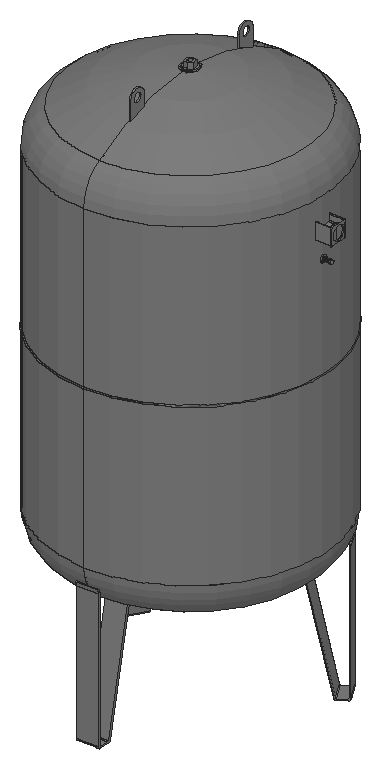
Revit family "MIT-3000-ET (Vertical)", category Specialty Equipment, Revit 2022
Family settings
  Round Connector Dimension = Use Diameter
  Part Type = Normal
  Work Plane-Based = No
  Always vertical = Yes
  Cut with Voids When Loaded = No
  Maintain Annotation Orientation = No
  Shared = No
  Room Calculation Point = No
Parameters
  URL = "https://en.ekinendustriyel.com/expansion-tanks"
  Test Pressure = 15.0 bar
  Production Standard = "TS EN 13831"
  Precharge Pressure = 4.0 bar
  Operating Pressure = 10.0 bar
  Model = "MIT-2500-ET_(Vertical)"
  Manufacturer = "Ekin Endüstriyel"
  Keynote = "Expension Tank"
  Description = "MIT-Expension Tank"
  Default Elevation = 0 mm
Reference planes
  plane 1 "Center (Front/Back)": y = 0
  plane 2: z = 0
  plane 3 "Center (Left/Right)": x = 0
Forms (mm)
  Revolve 1, solid, material "Ekin Endustriyel-S235JR", detail levels medium+fine
    sketch origin (0, -5374.015, 98.319) x (0, 1, 0) y (0, 0, 1)
      loop
        line (5374.015, 2394.595) -> (5374.015, 2390.595) -> (5415.232, 2390.595)
        arc (5415.232, 2390.595) -> (5660.359, 2344.516) -> (5885.578, 2237.342) r 968.168
        arc (5885.578, 2237.342) -> (5947.553, 2170.564) -> (5970.038, 2082.276) r 184.58
        line (5970.038, 2082.276) -> (5970.038, 628.392)
        arc (5970.038, 628.392) -> (5949.617, 546.105) -> (5893.092, 482.913) r 176
        arc (5893.092, 482.913) -> (5715.977, 388.76) -> (5522.67, 335.212) r 920.403
        arc (5522.67, 335.212) -> (5498.925, 318.221) -> (5471.045, 309.547) r 91.784
        line (5471.045, 309.547) -> (5374.015, 309.547) -> (5374.015, 305.547) -> (5471.327, 305.547)
        arc (5471.327, 305.547) -> (5499.998, 314.291) -> (5524.562, 331.468) r 95.784
        arc (5524.562, 331.468) -> (5718.047, 385.279) -> (5895.344, 479.606) r 924.403
        arc (5895.344, 479.606) -> (5953.153, 544.234) -> (5974.038, 628.392) r 180
        line (5974.038, 628.392) -> (5974.038, 1353.684)
        arc (5974.038, 1353.684) -> (5977.038, 1356.684) -> (5974.038, 1359.684) r 3
        line (5974.038, 1359.684) -> (5974.038, 2082.276)
        arc (5974.038, 2082.276) -> (5951.066, 2172.477) -> (5887.748, 2240.703) r 188.58
        arc (5887.748, 2240.703) -> (5661.544, 2348.337) -> (5415.346, 2394.595) r 972.168
        line (5415.346, 2394.595) -> (5374.015, 2394.595)
      axis (5374.015, 305.547) -> (5374.015, 2394.595)
    angle from 0 to 360
  Extrusion 2, solid, material "Ekin Endustriyel-S235JR", detail levels coarse
    sketch origin (7881.66, -13248.976, 122.286) x (0, 1, 0) y (-1, 0, 0)
      loop
        circle (13249.096, 7881.66) r 603
    from 280.888 to 2370.622
  Extrusion 3, solid, material "Ekin Endustriyel-S235JR", detail levels fine
    sketch origin (-910.329, -6586.055, 414.431) x (0, 1, 0) y (0, 0, 1)
      loop
        line (6930.329, 2011.771) -> (6930.329, 2091.758)
        arc (6930.329, 2091.758) -> (6892.852, 2129.234) -> (6855.376, 2091.758) r 37.477
        line (6855.376, 2091.758) -> (6855.376, 2037.959)
        arc (6855.376, 2037.959) -> (6893.12, 2025.631) -> (6930.329, 2011.771) r 972.168
      loop
        circle (6893.082, 2091.868) r 21.5
      loop
        arc (6241.78, 2011.771) -> (6278.99, 2025.631) -> (6316.734, 2037.959) r 972.168
        line (6316.734, 2037.959) -> (6316.734, 2091.758)
        arc (6316.734, 2091.758) -> (6279.257, 2129.234) -> (6241.78, 2091.758) r 37.477
        line (6241.78, 2091.758) -> (6241.78, 2011.771)
      loop
        circle (6279.028, 2091.868) r 21.5
    from 910.31 to 917.338
  Extrusion 4, solid, material "Ekin Endustriyel-S235JR", detail levels medium+fine
    sketch origin (2.097, -50.747, 0) x (-0.866025, 0.5, 0) y (0, 0, 1)
      loop
        line (607.19, 627) -> (610.625, 644.669) -> (606.698, 645.433) -> (603.19, 627.385) -> (603.19, 9)
        arc (603.19, 9) -> (601.726, 5.464) -> (598.19, 4) r 5
        line (598.19, 4) -> (554.478, 4)
        arc (554.478, 4) -> (551.331, 5.114) -> (549.587, 7.96) r 5
        line (549.587, 7.96) -> (442.029, 513.981) -> (438.117, 513.149) -> (546.222, 4.553)
        arc (546.222, 4.553) -> (548.655, 0.584) -> (553.043, -0.97) r 6.973
        line (553.043, -0.97) -> (600.233, -0.97)
        arc (600.233, -0.97) -> (605.152, 1.068) -> (607.19, 5.987) r 6.957
        line (607.19, 5.987) -> (607.19, 627)
    from -7.1 to 92.9
  Extrusion 5, solid, material "Ekin Endustriyel-S235JR", detail levels medium+fine
    sketch origin (2.097, -50.747, 0) x (0, -1, 0) y (0, 0, 1)
      loop
        line (532.687, 644.669) -> (528.761, 645.433) -> (525.253, 627.385) -> (525.253, 9)
        arc (525.253, 9) -> (523.788, 5.464) -> (520.253, 4) r 5
        line (520.253, 4) -> (476.541, 4)
        arc (476.541, 4) -> (473.394, 5.114) -> (471.65, 7.96) r 5
        line (471.65, 7.96) -> (364.092, 513.981) -> (360.18, 513.149) -> (468.079, 5.523)
        arc (468.079, 5.523) -> (470.511, 1.554) -> (474.9, 0) r 6.973
        line (474.9, 0) -> (522.296, 0)
        arc (522.296, 0) -> (527.215, 2.038) -> (529.253, 6.957) r 6.957
        line (529.253, 6.957) -> (529.253, 627) -> (532.687, 644.669)
    from -47.903 to 52.097
  Extrusion 6, solid, material "Ekin Endustriyel-S235JR", detail levels medium+fine
    sketch origin (2.097, -50.747, 0) x (0.866025, 0.5, 0) y (0, 0, 1)
      loop
        line (606.992, 644.669) -> (603.065, 645.433) -> (599.557, 627.385) -> (599.557, 9)
        arc (599.557, 9) -> (598.093, 5.464) -> (594.557, 4) r 5
        line (594.557, 4) -> (550.845, 4)
        arc (550.845, 4) -> (547.699, 5.114) -> (545.954, 7.96) r 5
        line (545.954, 7.96) -> (438.397, 513.981) -> (434.484, 513.149) -> (542.383, 5.523)
        arc (542.383, 5.523) -> (544.815, 1.554) -> (549.204, 0) r 6.973
        line (549.204, 0) -> (596.6, 0)
        arc (596.6, 0) -> (601.52, 2.038) -> (603.557, 6.957) r 6.957
        line (603.557, 6.957) -> (603.557, 627) -> (606.992, 644.669)
    from -94.997 to 5.003
  Extrusion 7, solid, material "Ekin Endustriyel-S235JR", detail levels coarse
    sketch origin (2.097, -50.747, 0) x (-0.866025, 0.5, 0) y (0, 0, 1)
      loop
        line (607.19, 403.174) -> (461.493, 403.174) -> (546.016, 5.523)
        arc (546.016, 5.523) -> (548.448, 1.554) -> (552.837, 0) r 6.973
        line (552.837, 0) -> (600.233, 0)
        arc (600.233, 0) -> (605.152, 2.038) -> (607.19, 6.957) r 6.957
        line (607.19, 6.957) -> (607.19, 403.174)
    from -7.1 to 92.9
  Extrusion 8, solid, material "Ekin Endustriyel-S235JR", detail levels coarse
    sketch origin (2.097, -50.747, 0) x (0, -1, 0) y (0, 0, 1)
      loop
        line (529.253, 403.174) -> (383.556, 403.174) -> (468.079, 5.523)
        arc (468.079, 5.523) -> (470.511, 1.554) -> (474.9, 0) r 6.973
        line (474.9, 0) -> (522.296, 0)
        arc (522.296, 0) -> (527.215, 2.038) -> (529.253, 6.957) r 6.957
        line (529.253, 6.957) -> (529.253, 403.174)
    from -47.903 to 52.097
  Extrusion 9, solid, material "Ekin Endustriyel-S235JR", detail levels coarse
    sketch origin (2.097, -50.747, 0) x (0.866025, 0.5, 0) y (0, 0, 1)
      loop
        line (603.557, 403.174) -> (457.86, 403.174) -> (542.383, 5.523)
        arc (542.383, 5.523) -> (544.815, 1.554) -> (549.204, 0) r 6.973
        line (549.204, 0) -> (596.6, 0)
        arc (596.6, 0) -> (601.52, 2.038) -> (603.557, 6.957) r 6.957
        line (603.557, 6.957) -> (603.557, 403.174)
    from -94.997 to 5.003
  Extrusion 10, solid, material "Ekin Endustriyel-S235JR", detail levels coarse
    sketch origin (371.905, -0.358, 1250) x (1, 0, 0) y (0, 1, 0)
      loop
        line (226.508, -39.142) -> (298.922, -39.142) -> (298.922, 39.858) -> (226.683, 39.858)
        arc (226.683, 39.858) -> (229.034, 19.99) -> (229.819, 0) r 254.819
        arc (229.819, 0) -> (228.99, -19.641) -> (226.508, -39.142) r 233
    from 767.5 to 842.5
  Extrusion 11, solid, material "Ekin Endustriyel-S235JR", detail levels medium+fine
    sketch origin (371.905, -0.358, 1250) x (1, 0, 0) y (0, 1, 0)
      loop
        line (296.322, 39.858) -> (226.683, 39.858)
        arc (226.683, 39.858) -> (226.839, 38.858) -> (226.992, 37.858) r 254.819
        line (226.992, 37.858) -> (296.322, 37.858)
        arc (296.322, 37.858) -> (296.747, 37.682) -> (296.922, 37.258) r 0.6
        line (296.922, 37.258) -> (296.922, -36.542)
        arc (296.922, -36.542) -> (296.747, -36.967) -> (296.322, -37.142) r 0.6
        line (296.322, -37.142) -> (227.098, -37.142)
        arc (227.098, -37.142) -> (226.949, -38.143) -> (226.795, -39.142) r 254.819
        line (226.795, -39.142) -> (296.322, -39.142)
        arc (296.322, -39.142) -> (298.161, -38.381) -> (298.922, -36.542) r 2.6
        line (298.922, -36.542) -> (298.922, 37.258)
        arc (298.922, 37.258) -> (298.161, 39.096) -> (296.322, 39.858) r 2.6
    from 767.5 to 842.5
  Extrusion 12, void
    sketch origin (670.827, -36.9, 1250) x (0, 1, 0) y (0, 0, 1)
      loop
        circle (36.9, 805) r 32.5
    from -2 to 0
  Revolve 13, solid, material "Ekin Endustriyel-S235JR", detail levels fine
    sketch origin (371.905, -0.358, 1250) x (1, 0, 0) y (0, 0, 1)
      loop
        line (230, 811.5) -> (230, 805) -> (288.499, 805) -> (288.499, 837.415) -> (283.499, 837.415) -> (283.499, 835.016) -> (279.483, 835.016)
        arc (279.483, 835.016) -> (278.774, 834.723) -> (278.48, 834.013) r 1.003
        line (278.48, 834.013) -> (253.48, 834.013) -> (253.48, 815.002) -> (252.5, 815.002)
        arc (252.5, 815.002) -> (252.139, 814.657) -> (252, 814.178) r 0.964
        line (252, 814.178) -> (252, 812.305) -> (245, 812.305) -> (245, 811.5) -> (230, 811.5)
      axis (230, 805) -> (288.499, 805)
    angle from 0 to 360
  Revolve 14, solid, material "Ekin Endustriyel-S235JR", detail levels fine
    sketch origin (369.999, -0.358, 1122.504) x (1, 0, 0) y (0, 0, 1)
      loop
        line (229.96, 805) -> (275.561, 805)
        arc (275.561, 805) -> (274.758, 808.458) -> (272.513, 811.208) r 7.847
        line (272.513, 811.208) -> (261.504, 811.208) -> (261.504, 812.005) -> (260.479, 812.005) -> (260.479, 810.108) -> (259.639, 809.269) -> (258.962, 809.946) -> (258.285, 809.269) -> (257.608, 809.946) -> (256.931, 809.269) -> (256.254, 809.946) -> (255.577, 809.269) -> (254.899, 809.946) -> (254.222, 809.269) -> (253.545, 809.946) -> (252.868, 809.269) -> (252.191, 809.946) -> (251.514, 809.269) -> (250.837, 809.946) -> (250.16, 809.269) -> (249.483, 809.946) -> (248.806, 809.269) -> (248.128, 809.946) -> (247.451, 809.269) -> (246.774, 809.946) -> (246.097, 809.269) -> (245.42, 809.946) -> (244.743, 809.269) -> (244.066, 809.946) -> (243.389, 809.269) -> (242.712, 809.946) -> (242.035, 809.269) -> (241.357, 809.946) -> (240.68, 809.269) -> (240.003, 809.946) -> (239.326, 809.269) -> (238.649, 809.946) -> (237.972, 809.269) -> (237.295, 809.946) -> (236.618, 809.269) -> (235.941, 809.946) -> (235.264, 809.269) -> (234.586, 809.946) -> (233.909, 809.269) -> (233.232, 809.946) -> (232.555, 809.269) -> (232.001, 809.823) -> (232.001, 814.435) -> (232.001, 819.99) -> (229.96, 819.99) -> (229.96, 805)
      axis (229.96, 805) -> (275.561, 805)
    angle from 0 to 360
  Extrusion 15, solid, material "Ekin Endustriyel-S235JR", detail levels fine
    sketch origin (369.999, -0.358, 1204.3) x (0, 1, 0) y (0, 0, 1)
      loop
        line (0.348, 732.628) -> (-7.805, 727.921) -> (-7.805, 718.507) -> (0.348, 713.8) -> (8.5, 718.507) -> (8.5, 727.921) -> (0.348, 732.628)
    from 232.001 to 240.003
  Extrusion 16, solid, material "Ekin Endustriyel-S235JR", detail levels coarse
    sketch origin (-663.114, -426.277, 403.669) x (1, 0, 0) y (0, 1, 0)
      loop
        circle (663.114, 426.414) r 150
    from -23.5 to -13.542
  Revolve 17, solid, material "Ekin Endustriyel-S235JR", detail levels fine
    sketch origin (1884.269, 0.217, 345.191) x (1, 0, 0) y (0, 0, 1)
      loop
        line (-1917.384, -21.889) -> (-1909.828, -21.889) -> (-1907.892, -20.316) -> (-1909.118, -19.32) -> (-1907.892, -18.324) -> (-1909.118, -17.327) -> (-1907.892, -16.331) -> (-1909.118, -15.335) -> (-1907.892, -14.339) -> (-1909.118, -13.343) -> (-1907.892, -12.346) -> (-1909.118, -11.35) -> (-1907.892, -10.354) -> (-1909.118, -9.358) -> (-1907.892, -8.361) -> (-1909.118, -7.365) -> (-1907.892, -6.369) -> (-1909.118, -5.373) -> (-1907.892, -4.377) -> (-1909.118, -3.38) -> (-1907.892, -2.384) -> (-1909.118, -1.388) -> (-1907.892, -0.392) -> (-1909.118, 0.605) -> (-1907.892, 1.601) -> (-1909.118, 2.597) -> (-1907.892, 3.593) -> (-1909.118, 4.589) -> (-1907.892, 5.586) -> (-1909.118, 6.582) -> (-1907.892, 7.578) -> (-1909.118, 8.574) -> (-1907.892, 9.571) -> (-1909.118, 10.567) -> (-1907.892, 11.563) -> (-1909.118, 12.559) -> (-1907.892, 13.555) -> (-1909.118, 14.552) -> (-1907.892, 15.548) -> (-1909.118, 16.544) -> (-1907.892, 17.54) -> (-1909.118, 18.537) -> (-1907.384, 19.945) -> (-1907.384, 33.093)
        arc (-1907.384, 33.093) -> (-1907.936, 34.426) -> (-1909.269, 34.978) r 1.885
        line (-1909.269, 34.978) -> (-1917.384, 34.978) -> (-1917.384, -21.889)
      axis (-1884.269, 34.978) -> (-1884.269, -21.889)
    angle from 0 to 360
  Extrusion 18, solid, material "Ekin Endustriyel-S235JR", detail levels fine
    sketch origin (-672.202, -409.557, 409.82) x (1, 0, 0) y (0, 1, 0)
      loop
        circle (534.664, 409.557) r 6
      loop
        circle (809.741, 409.557) r 6
      loop
        circle (672.202, 547.095) r 6
      loop
        circle (672.202, 272.018) r 6
      loop
        circle (574.948, 506.811) r 6
      loop
        circle (769.457, 312.302) r 6
      loop
        circle (769.457, 506.811) r 6
      loop
        circle (574.948, 312.302) r 6
    from 0.262 to -29.241
  Extrusion 19, solid, material "Ekin Endustriyel-S235JR", detail levels medium
    sketch origin (1329.894, -1405.14, 376.191) x (0, 1, 0) y (1, 0, 0)
      loop
        circle (1405.357, -1330) r 33.189
      loop
        circle (1405.357, -1330) r 24.638
    from 52.889 to -3.978
  Extrusion 20, solid, material "Ekin Endustriyel-S235JR", detail levels coarse
    sketch origin (1330.207, -1405.14, 376.191) x (0, 1, 0) y (1, 0, 0)
      loop
        arc (1372.168, -1330) -> (1388.495, -1358.586) -> (1421.412, -1359.048) r 33.189
        arc (1421.412, -1359.048) -> (1422.22, -1301.414) -> (1372.168, -1330) r 33.189
    from -3.978 to 52.889
  Extrusion 21, solid, material "Ekin Endustriyel-S235JR", detail levels medium+fine
    sketch origin (-663.114, -1231.277, 444.714) x (0, 1, 0) y (1, 0, 0)
      loop
        circle (1231.414, 663.114) r 150
      loop
        circle (1231.396, 525.584) r 5.994
      loop
        circle (1231.396, 800.644) r 5.994
      loop
        circle (1328.59, 565.793) r 5.994
      loop
        circle (1133.964, 565.793) r 5.994
      loop
        circle (1328.59, 760.434) r 5.994
      loop
        circle (1133.964, 760.434) r 5.994
      loop
        circle (1368.926, 663.114) r 5.994
      loop
        circle (1093.866, 663.114) r 5.994
    from 46.54 to 41.54
  Extrusion 22, solid, material "Ekin Endustriyel-S235JR", detail levels medium+fine
    sketch origin (3869.838, -4745.781, 2495.727) x (0, 1, 0) y (-1, 0, 0)
      loop
        circle (4745.469, 3869.844) r 11
      loop
        line (4730.56, 3886.032) -> (4723.995, 3865.027) -> (4738.903, 3848.838) -> (4760.377, 3853.655) -> (4766.943, 3874.661) -> (4752.034, 3890.849) -> (4730.56, 3886.032)
    from 0.181 to 23
  Extrusion 23, solid, material "Ekin Endustriyel-S235JR", detail levels coarse
    sketch origin (3869.838, -4745.781, 2495.727) x (0, 1, 0) y (-1, 0, 0)
      loop
        line (4730.56, 3886.032) -> (4723.995, 3865.027) -> (4738.903, 3848.838) -> (4760.377, 3853.655) -> (4766.943, 3874.661) -> (4752.034, 3890.849) -> (4730.56, 3886.032)
    from -2.819 to 23
  Extrusion 24, solid, material "Ekin Endustriyel-S235JR", detail levels medium+fine
    sketch origin (3869.838, -4745.781, 2495.727) x (0, 1, 0) y (-1, 0, 0)
      loop
        circle (4745.827, 3869.844) r 32.5
    from -2.819 to 0.181
  Extrusion 25, solid, material "Ekin Endustriyel-S235JR", detail levels coarse
    sketch origin (-663.114, -426.277, 414.73) x (1, 0, 0) y (0, 1, 0)
      loop
        circle (663.114, 426.414) r 150
    from -16.556 to -11.556
  Extrusion 26, solid, material "Ekin Endustriyel-S235JR", detail levels medium+fine
    sketch origin (-663.114, -1231.277, 445.73) x (0, 1, 0) y (1, 0, 0)
      loop
        circle (1231.414, 663.114) r 150
      loop
        circle (1231.396, 525.584) r 5.994
      loop
        circle (1231.396, 800.644) r 5.994
      loop
        circle (1328.59, 565.793) r 5.994
      loop
        circle (1133.964, 565.793) r 5.994
      loop
        circle (1328.59, 760.434) r 5.994
      loop
        circle (1133.964, 760.434) r 5.994
      loop
        circle (1368.926, 663.114) r 5.994
      loop
        circle (1093.866, 663.114) r 5.994
    from 47.556 to 42.556
  Extrusion 27, solid, material "Ekin Endustriyel-S235JR", detail levels fine
    sketch origin (-456.831, -583.175, 447.311) x (-0.339703, 0.940533, 0) y (0.940533, 0.339703, 0)
      loop
        line (431.915, 491.303) -> (442.297, 487.728) -> (450.583, 494.932) -> (448.488, 505.71) -> (438.107, 509.284) -> (429.82, 502.081) -> (431.915, 491.303)
      loop
        line (335.801, 757.413) -> (341.077, 747.784) -> (352.054, 747.538) -> (357.755, 756.921) -> (352.479, 766.55) -> (341.502, 766.796) -> (335.801, 757.413)
      loop
        line (530.023, 666.262) -> (533.598, 676.643) -> (526.395, 684.93) -> (515.617, 682.835) -> (512.042, 672.453) -> (519.246, 664.167) -> (530.023, 666.262)
      loop
        line (263.914, 570.148) -> (273.543, 575.424) -> (273.789, 586.401) -> (264.405, 592.102) -> (254.776, 586.826) -> (254.53, 575.849) -> (263.914, 570.148)
      loop
        line (517.205, 558.464) -> (527.073, 563.277) -> (527.839, 574.23) -> (518.736, 580.369) -> (508.868, 575.556) -> (508.102, 564.603) -> (517.205, 558.464)
      loop
        line (261.074, 678.669) -> (271.613, 675.59) -> (279.549, 683.178) -> (276.945, 693.845) -> (266.406, 696.923) -> (258.47, 689.335) -> (261.074, 678.669)
      loop
        line (463.686, 751.849) -> (458.873, 761.717) -> (447.92, 762.483) -> (441.78, 753.38) -> (446.593, 743.512) -> (457.546, 742.746) -> (463.686, 751.849)
      loop
        line (343.481, 495.718) -> (346.559, 506.257) -> (338.971, 514.193) -> (328.305, 511.589) -> (325.227, 501.05) -> (332.815, 493.114) -> (343.481, 495.718)
    from 67.142 to 74.733
Cuts and joins
  Extrusion 12 cuts Extrusion 11
Dimensions and locks
  aligned and locked: level to plane 2
Connectors
  piping at (-0.106, 0.217, 323.302), diameter 25.4
    settings: on Extrusion 19, index 3, connector inside diameter 609.6 mm, connector length 0 mm, flow factor 0, pipe flow 0.0 L/s, pressure drop 0.0 Pa, fitting loss kfactor 0, connector angle 0.00°, fixture units 0, engagement length 0 mm, angle of deflection 0.00°, flow configuration 0, flow direction 0, fitting loss method 0, system type 7, joint type 0, gender type 0, connector reference index -1, connector utility 0, adjustable connector no, is connector primary yes, connector description ""
